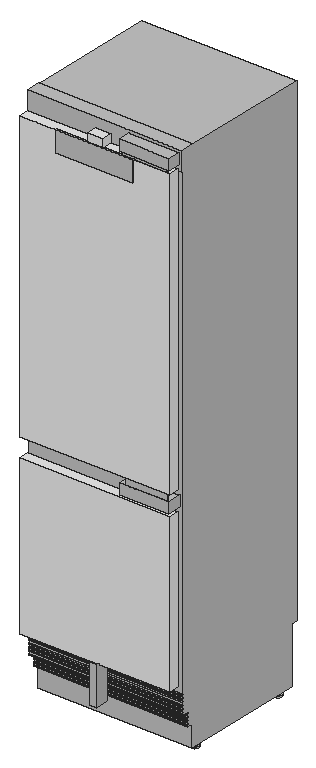
Revit family "FP_Revit_18_RS2484WRU1_Fridge_90001069A", category Specialty Equipment, Revit 2018 (continued)
Definition of nested family "Handle Professional Round - Vertical"
  Automatic sketch dimensions
    Sweep 5 sketch curve to profile plane = 3 mm  (x2)
    Extrusion 6 sketch curve to plane 3 "Center (Left/Right)" = 0 mm
    Extrusion 6 sketch curve to plane 3 "Center (Left/Right)" = 18.5 mm
    plane 1 "Center (Front/Back)" to Extrusion 6 sketch curve = 41.7 mm
    Extrusion 6 sketch curve to Extrusion 6 sketch curve = 41.7 mm
    Extrusion 7 sketch curve to plane 3 "Center (Left/Right)" = 0 mm
    Extrusion 7 sketch curve to plane 3 "Center (Left/Right)" = 18.5 mm
    plane 1 "Center (Front/Back)" to Extrusion 7 sketch curve = 41.7 mm
    Extrusion 7 sketch curve to Extrusion 7 sketch curve = 41.7 mm
    radius of Extrusion 3 sketch curve = 12.7 mm
Definition of nested family "Handle Professional Round Flush - Vertical"
  Parameters (values of type "AHP3-RD84 - Professional round flush handle (Vertical) 677mm")
    URL = "www.fisherpaykel.com"
    Material - Handle = none
    Manufacturer = "Fisher & Paykel Appliances"
    Handle - Length = 677 mm
  Types (4): name
    (no name)
    AHP3RD2484W - Professional round flush handle (1 of 2) (Vertical) 677mm
    AHP3RD3084W - Professional round flush handle (1 of 2) (Vertical) 677mm
    AHP3-RD84 - Professional round flush handle (Vertical) 677mm
  Reference planes
    plane 1 "Center (Front/Back)": y = 0
    plane 2: z = 0
    plane 3 "Center (Left/Right)": x = 0
    plane 4 "Top": z = 338.5
    plane 5 "Bottom": z = -338.5
    plane 6 "Top Standoff": z = 303.5
    plane 7 "Bottom Standoff": z = -303.5
  Forms (mm)
    Extrusion 1, solid, material <- "Material - Handle", detail levels fine
      sketch origin (0, 0, 0) x (1, 0, 0) y (0, 1, 0)
        loop
          arc (-12.817, -46.665) -> (0, -58.016) -> (12.817, -46.665) r 12.912
          line (12.817, -46.665) -> (18.5, 0) -> (-18.5, 0) -> (-12.817, -46.665)
      from 303.5 to 338.5
    Extrusion 2, solid, material <- "Material - Handle", detail levels fine
      sketch origin (0, 0, 0) x (1, 0, 0) y (0, 1, 0)
        loop
          arc (-12.817, -46.665) -> (0, -58.016) -> (12.817, -46.665) r 12.912
          line (12.817, -46.665) -> (18.5, 0) -> (-18.5, 0) -> (-12.817, -46.665)
      from -338.5 to -303.5
    Extrusion 3, solid, material <- "Material - Handle"
      sketch origin (0, 0, 0) x (1, 0, 0) y (0, 1, 0)
        loop
          circle (0, -45.116) r 12.7
      from -303.5 to 303.5
    Sweep 4, void
      path in 3D
        loop
          line (18.5, 0, 338.5) -> (12.817, -46.665, 338.5)
          arc (12.817, -46.665, 338.5) -> (0, -58.016, 338.5) -> (-12.817, -46.665, 338.5) r 12.912
          line (-12.817, -46.665, 338.5) -> (-18.5, 0, 338.5)
      profile origin (0, -58.016, 338.5) x (0, -1, 0) y (0, 0, 1)
        loop
          line (0, 0) -> (-1.5, 0) -> (0, -1.5) -> (0, 0)
    Sweep 5, void
      path in 3D
        loop
          line (-18.5, 0, -338.5) -> (-12.817, -46.665, -338.5)
          arc (-12.817, -46.665, -338.5) -> (0, -58.016, -338.5) -> (12.817, -46.665, -338.5) r 12.912
          line (12.817, -46.665, -338.5) -> (18.5, 0, -338.5)
      profile origin (0, -58.016, -338.5) x (0, -1, 0) y (0, 0, -1)
        loop
          line (0, 0) -> (-1.5, 0) -> (0, -1.5) -> (0, 0)
    Extrusion 6, solid, material <- "Material - Handle", detail levels coarse+medium
      sketch origin (0, 0, 0) x (1, 0, 0) y (0, 1, 0)
        loop
          arc (-12.817, -46.665) -> (0, -58.016) -> (12.817, -46.665) r 12.912
          line (12.817, -46.665) -> (18.5, 0) -> (-18.5, 0) -> (-12.817, -46.665)
      from 303.5 to 338.5
    Extrusion 7, solid, material <- "Material - Handle", detail levels coarse+medium
      sketch origin (0, 0, 0) x (1, 0, 0) y (0, 1, 0)
        loop
          arc (-12.817, -46.665) -> (0, -58.016) -> (12.817, -46.665) r 12.912
          line (12.817, -46.665) -> (18.5, 0) -> (-18.5, 0) -> (-12.817, -46.665)
      from -338.5 to -303.5
  Cuts and joins
    Sweep 4 cuts Extrusion 1
    Sweep 5 cuts Extrusion 2
  Lines and regions (mm)
    sketch lines
      curve 1: arc (12.817, -46.665, 338.5) -> (0, -58.016, 338.5) -> (-12.817, -46.665, 338.5) r 12.912
      curve 2: line (12.817, -46.665, 338.5) -> (18.5, 0, 338.5)
      curve 3: line (-18.5, 0, 338.5) -> (-12.817, -46.665, 338.5)
      curve 4: arc (-12.817, -46.665, -338.5) -> (0, -58.016, -338.5) -> (12.817, -46.665, -338.5) r 12.912
      curve 5: line (18.5, 0, -338.5) -> (12.817, -46.665, -338.5)
      curve 6: line (-12.817, -46.665, -338.5) -> (-18.5, 0, -338.5)
  Dimensions and locks
    equal spacing: plane 4 "Top", level, plane 5 "Bottom"
    "Handle - Length": plane 4 "Top" to plane 5 "Bottom"
    aligned and locked: level to plane 2
    aligned and locked: plane 4 "Top" to Extrusion 1
    aligned and locked: Extrusion 1 to plane 6 "Top Standoff"
    aligned and locked: Extrusion 2 to plane 5 "Bottom"
    aligned and locked: plane 1 "Center (Front/Back)" to Extrusion 2 sketch curve
    aligned and locked: plane 6 "Top Standoff" to Extrusion 3
    aligned and locked: Extrusion 3 to plane 7 "Bottom Standoff"
  Automatic sketch dimensions
    plane 1 "Center (Front/Back)" to Extrusion 1 sketch curve = 0 mm
    Extrusion 1 sketch curve to plane 3 "Center (Left/Right)" = 0 mm
    Extrusion 1 sketch curve to plane 3 "Center (Left/Right)" = 12.817 mm
    Extrusion 1 sketch curve to plane 3 "Center (Left/Right)" = 18.5 mm
    plane 3 "Center (Left/Right)" to Extrusion 1 sketch curve = 12.817 mm
    plane 3 "Center (Left/Right)" to Extrusion 1 sketch curve = 18.5 mm
    plane 1 "Center (Front/Back)" to Extrusion 1 sketch curve = 45.104 mm
    Extrusion 1 sketch curve to Extrusion 1 sketch curve = 1.561 mm
    Extrusion 2 sketch curve to plane 3 "Center (Left/Right)" = 0 mm
    Extrusion 2 sketch curve to plane 3 "Center (Left/Right)" = 12.817 mm
    Extrusion 2 sketch curve to plane 3 "Center (Left/Right)" = 18.5 mm
    plane 3 "Center (Left/Right)" to Extrusion 2 sketch curve = 12.817 mm
    plane 3 "Center (Left/Right)" to Extrusion 2 sketch curve = 18.5 mm
    plane 1 "Center (Front/Back)" to Extrusion 2 sketch curve = 45.104 mm
    Extrusion 2 sketch curve to Extrusion 2 sketch curve = 1.561 mm
    Extrusion 3 sketch curve to plane 3 "Center (Left/Right)" = 0 mm
    plane 1 "Center (Front/Back)" to Extrusion 3 sketch curve = 45.116 mm
    Sweep 4 sketch curve to profile plane = 0 mm  (x2)
    profile plane to Sweep 4 sketch curve = 1.5 mm
    Sweep 4 sketch curve to profile plane = 1.5 mm
    profile plane to Sweep 5 sketch curve = 0 mm
    Sweep 5 sketch curve to profile plane = 0 mm
    profile plane to Sweep 5 sketch curve = 1.5 mm
    Sweep 5 sketch curve to profile plane = 1.5 mm
    Extrusion 6 sketch curve to plane 3 "Center (Left/Right)" = 0 mm
    Extrusion 6 sketch curve to plane 3 "Center (Left/Right)" = 12.817 mm
    Extrusion 6 sketch curve to plane 3 "Center (Left/Right)" = 18.5 mm
    plane 3 "Center (Left/Right)" to Extrusion 6 sketch curve = 12.817 mm
    plane 3 "Center (Left/Right)" to Extrusion 6 sketch curve = 18.5 mm
    plane 1 "Center (Front/Back)" to Extrusion 6 sketch curve = 46.665 mm
    Extrusion 6 sketch curve to Extrusion 6 sketch curve = 1.561 mm
    Extrusion 6 sketch curve to Extrusion 6 sketch curve = 46.665 mm
    Extrusion 7 sketch curve to plane 3 "Center (Left/Right)" = 0 mm
    Extrusion 7 sketch curve to plane 3 "Center (Left/Right)" = 12.817 mm
    Extrusion 7 sketch curve to plane 3 "Center (Left/Right)" = 18.5 mm
    plane 3 "Center (Left/Right)" to Extrusion 7 sketch curve = 12.817 mm
    plane 3 "Center (Left/Right)" to Extrusion 7 sketch curve = 18.5 mm
    plane 1 "Center (Front/Back)" to Extrusion 7 sketch curve = 46.665 mm
    Extrusion 7 sketch curve to Extrusion 7 sketch curve = 1.561 mm
    Extrusion 7 sketch curve to Extrusion 7 sketch curve = 46.665 mm
    radius of Extrusion 3 sketch curve = 12.7 mm
Definition of nested family "Handle Professional Square - Vertical"
  Parameters (values of type "AHV2RS3272A - Professional square handle (1 of 2) (Vertical) 727mm")
    URL = "www.fisherpaykel.com"
    Material - Handle = none
    Manufacturer = "Fisher & Paykel Appliances"
    Handle - Length = 727 mm
  Types (5, lengths in mm): name | Handle - Length
    (no name) | 727
    AHV2RD2484W - Professional square handle (1 of 2) (Vertical) 727mm | 727
    AHV2RD3084W - Professional square handle (1 of 2) (Vertical) 727mm | 727
    AHV2-RD84 - Professional square handle (Vertical) 792mm | 792
    AHV2RS3272A - Professional square handle (1 of 2) (Vertical) 727mm | 727
  Reference planes
    plane 1 "Center (Front/Back)": y = 0
    plane 2: z = 0
    plane 3 "Center (Left/Right)": x = 0
    plane 4 "Top": z = 363.5
    plane 5 "Bottom": z = -363.5
    plane 6 "Top Standoff": z = 313.5
    plane 7 "Bottom Standoff": z = -313.5
  Forms (mm)
    Extrusion 1, solid, material <- "Material - Handle", detail levels fine
      sketch origin (0, 0, 0) x (0, 1, 0) y (0, 0, 1)
        loop
          line (0, 363.5) -> (-40, 363.5)
          arc (-40, 363.5) -> (-47.071, 360.571) -> (-50, 353.5) r 10
          line (-50, 353.5) -> (-50, 313.5) -> (0, 313.5) -> (0, 363.5)
        loop
          line (0, -363.5) -> (0, -313.5) -> (-50, -313.5) -> (-50, -353.5)
          arc (-50, -353.5) -> (-47.071, -360.571) -> (-40, -363.5) r 10
          line (-40, -363.5) -> (0, -363.5)
      from -17.5 to 17.5
    Sweep 2, void
      path in 3D
        loop
          line (17.5, 0, 363.5) -> (17.5, -40, 363.5)
          arc (17.5, -40, 363.5) -> (17.5, -47.071, 360.571) -> (17.5, -50, 353.5) r 10
          line (17.5, -50, 353.5) -> (17.5, -50, 313.5)
      profile origin (17.5, -20, 363.5) x (1, 0, 0) y (0, 0, 1)
        loop
          line (0, 0) -> (-2.5, 0) -> (0, -2.5) -> (0, 0)
    Sweep 3, void
      path in 3D
        loop
          line (-17.5, -50, 313.5) -> (-17.5, -50, 353.5)
          arc (-17.5, -50, 353.5) -> (-17.5, -47.071, 360.571) -> (-17.5, -40, 363.5) r 10
          line (-17.5, -40, 363.5) -> (-17.5, 0, 363.5)
      profile origin (-17.5, -20, 363.5) x (-1, 0, 0) y (0, 0, 1)
        loop
          line (0, 0) -> (-2.5, 0) -> (0, -2.5) -> (0, 0)
    Sweep 4, void
      path in 3D
        loop
          line (17.5, -50, -313.5) -> (17.5, -50, -353.5)
          arc (17.5, -50, -353.5) -> (17.5, -47.071, -360.571) -> (17.5, -40, -363.5) r 10
          line (17.5, -40, -363.5) -> (17.5, 0, -363.5)
      profile origin (17.5, -20, -363.5) x (1, 0, 0) y (0, 0, -1)
        loop
          line (0, 0) -> (-2.5, 0) -> (0, -2.5) -> (0, 0)
    Sweep 5, void
      path in 3D
        loop
          line (-17.5, 0, -363.5) -> (-17.5, -40, -363.5)
          arc (-17.5, -40, -363.5) -> (-17.5, -47.071, -360.571) -> (-17.5, -50, -353.5) r 10
          line (-17.5, -50, -353.5) -> (-17.5, -50, -313.5)
      profile origin (-17.5, -20, -363.5) x (-1, 0, 0) y (0, 0, -1)
        loop
          line (0, 0) -> (-2.5, 0) -> (0, -2.5) -> (0, 0)
    Extrusion 6, solid, material <- "Material - Handle", detail levels fine
      sketch origin (0, 0, 0) x (1, 0, 0) y (0, 1, 0)
        loop
          line (-15.5, -36.737) -> (-15.5, -46.422) -> (-14.172, -47.75) -> (14.172, -47.75) -> (15.5, -46.422) -> (15.5, -36.737)
          arc (15.5, -36.737) -> (0, -32.25) -> (-15.5, -36.737) r 29.013
      from -313.5 to 313.5
    Extrusion 7, solid, material <- "Material - Handle", detail levels coarse+medium
      sketch origin (0, 0, 0) x (0, 1, 0) y (0, 0, 1)
        loop
          line (0, 363.5) -> (-40, 363.5)
          arc (-40, 363.5) -> (-47.071, 360.571) -> (-50, 353.5) r 10
          line (-50, 353.5) -> (-50, -353.5)
          arc (-50, -353.5) -> (-47.071, -360.571) -> (-40, -363.5) r 10
          line (-40, -363.5) -> (0, -363.5) -> (0, -313.5) -> (-31.95, -313.5) -> (-31.95, 313.5) -> (0, 313.5) -> (0, 363.5)
      from -17.5 to 17.5
  Cuts and joins
    Sweep 2, Sweep 3, Sweep 4, Sweep 5 cuts Extrusion 1
  Lines and regions (mm)
    sketch lines
      curve 1: line (17.5, 0, 363.5) -> (17.5, -40, 363.5)
      curve 2: arc (17.5, -50, 353.5) -> (17.5, -47.071, 360.571) -> (17.5, -40, 363.5) r 10
      curve 3: line (17.5, -50, 353.5) -> (17.5, -50, 313.5)
      curve 4: line (-17.5, -40, 363.5) -> (-17.5, 0, 363.5)
      curve 5: arc (-17.5, -40, 363.5) -> (-17.5, -47.071, 360.571) -> (-17.5, -50, 353.5) r 10
      curve 6: line (-17.5, -50, 313.5) -> (-17.5, -50, 353.5)
      curve 7: line (17.5, -40, -363.5) -> (17.5, 0, -363.5)
      curve 8: arc (17.5, -40, -363.5) -> (17.5, -47.071, -360.571) -> (17.5, -50, -353.5) r 10
      curve 9: line (17.5, -50, -313.5) -> (17.5, -50, -353.5)
      curve 10: line (-17.5, 0, -363.5) -> (-17.5, -40, -363.5)
      curve 11: arc (-17.5, -50, -353.5) -> (-17.5, -47.071, -360.571) -> (-17.5, -40, -363.5) r 10
      curve 12: line (-17.5, -50, -353.5) -> (-17.5, -50, -313.5)
  Dimensions and locks
    equal spacing: plane 4 "Top", level, plane 5 "Bottom"
    "Handle - Length": plane 4 "Top" to plane 5 "Bottom"
    plane 7 "Bottom Standoff" to plane 5 "Bottom" = 50 mm
    plane 4 "Top" to plane 6 "Top Standoff" = 50 mm
    aligned and locked: level to plane 2
    aligned and locked: plane 4 "Top" to Extrusion 1 sketch curve
    aligned and locked: plane 5 "Bottom" to Extrusion 1 sketch curve
    aligned and locked: Extrusion 1 sketch curve to plane 1 "Center (Front/Back)"
    aligned and locked: plane 1 "Center (Front/Back)" to Extrusion 1 sketch curve
    aligned and locked: plane 6 "Top Standoff" to Extrusion 1 sketch curve
    aligned and locked: plane 7 "Bottom Standoff" to Extrusion 1 sketch curve
    aligned and locked: plane 6 "Top Standoff" to Extrusion 6
    aligned and locked: Extrusion 6 to plane 7 "Bottom Standoff"
    aligned and locked: plane 4 "Top" to Extrusion 7 sketch curve
    aligned and locked: plane 6 "Top Standoff" to Extrusion 7 sketch curve
    aligned and locked: plane 1 "Center (Front/Back)" to Extrusion 7 sketch curve
    aligned and locked: plane 7 "Bottom Standoff" to Extrusion 7 sketch curve
    aligned and locked: plane 5 "Bottom" to Extrusion 7 sketch curve
    aligned and locked: Extrusion 7 sketch curve to plane 1 "Center (Front/Back)"
  Automatic sketch dimensions
    Sweep 2 sketch curve to profile plane = 0 mm
    profile plane to Sweep 2 sketch curve = 0 mm
    profile plane to Sweep 2 sketch curve = 2.5 mm
    Sweep 2 sketch curve to profile plane = 2.5 mm
    Sweep 3 sketch curve to profile plane = 0 mm  (x2)
    profile plane to Sweep 3 sketch curve = 2.5 mm
    Sweep 3 sketch curve to profile plane = 2.5 mm
    Sweep 4 sketch curve to profile plane = 0 mm
    profile plane to Sweep 4 sketch curve = 0 mm
    profile plane to Sweep 4 sketch curve = 2.5 mm
    Sweep 4 sketch curve to profile plane = 2.5 mm
    Sweep 5 sketch curve to profile plane = 0 mm  (x2)
    profile plane to Sweep 5 sketch curve = 2.5 mm
    Sweep 5 sketch curve to profile plane = 2.5 mm
    plane 1 "Center (Front/Back)" to Extrusion 1 sketch curve = 40 mm  (x2)
    Extrusion 1 sketch curve to Extrusion 1 sketch curve = 10 mm  (x2)
    Extrusion 6 sketch curve to plane 3 "Center (Left/Right)" = 0 mm
    Extrusion 6 sketch curve to Extrusion 6 sketch curve = 1.328 mm  (x4)
    plane 1 "Center (Front/Back)" to Extrusion 6 sketch curve = 61.263 mm
    Extrusion 6 sketch curve to Extrusion 6 sketch curve = 13.513 mm
    Extrusion 6 sketch curve to Extrusion 6 sketch curve = 9.684 mm  (x2)
    Extrusion 6 sketch curve to plane 3 "Center (Left/Right)" = 14.172 mm
    plane 1 "Center (Front/Back)" to Extrusion 7 sketch curve = 31.95 mm
    plane 1 "Center (Front/Back)" to Extrusion 7 sketch curve = 40 mm  (x2)
    Extrusion 7 sketch curve to plane 4 "Top" = 10 mm
Definition of nested family "Handle Contemporary Round - Horizontal"
  Parameters (values of type "AHSRS80A - Contemporary round handle (2 of 2) (Horizontal) 646mm")
    URL = "www.fisherpaykel.com"
    Product - Width = 646 mm
    Material - Handle = none
    Manufacturer = "Fisher & Paykel Appliances"
  Types (5, lengths in mm): name | Product - Width
    (no name) | 646
    AHSRD2484W - Contemporary round handle (2 of 2) (Horizontal) 494mm | 494
    AHSRD3084W - Contemporary round handle (2 of 2) (Horizontal) 646mm | 646
    AHSRS3272A - Contemporary round handle (2 of 2) (Horizontal) 646mm | 646
    AHSRS80A - Contemporary round handle (2 of 2) (Horizontal) 646mm | 646
  Reference planes
    plane 1 "Center (Front/Back)": y = 0
    plane 2: z = 0
    plane 3 "Center (Left/Right)": x = 0
    plane 4 "Product LHS": x = -323
    plane 5 "Product RHS": x = 323
    plane 6 "LHS Standoff": x = -202.995
    plane 7 "RHS Standoff": x = 203.005
  Forms (mm)
    Extrusion 1, solid, material <- "Material - Handle"
      sketch origin (0, 0, 0) x (0, 1, 0) y (0, 0, 1)
        loop
          circle (-32.3, 0) r 8.7
      from -202.995 to 203.005
    Extrusion 2, solid, material <- "Material - Handle", detail levels fine
      sketch origin (0, 0, 0) x (0, 1, 0) y (0, 0, 1)
        loop
          line (0, 8.7) -> (-32.3, 8.7)
          arc (-32.3, 8.7) -> (-41, 0) -> (-32.3, -8.7) r 8.7
          line (-32.3, -8.7) -> (0, -8.7) -> (0, 8.7)
      from 203.005 to 323
    Extrusion 3, solid, material <- "Material - Handle", detail levels fine
      sketch origin (0, 0, 0) x (0, 1, 0) y (0, 0, -1)
        loop
          line (0, -8.7) -> (0, 8.7) -> (-32.3, 8.7)
          arc (-32.3, 8.7) -> (-41, 0) -> (-32.3, -8.7) r 8.7
          line (-32.3, -8.7) -> (0, -8.7)
      from 202.995 to 323
    Sweep 4, void
      path in 3D
        loop
          line (323, 0, 8.7) -> (323, -32.3, 8.7)
          arc (323, -32.3, 8.7) -> (323, -41, 0) -> (323, -32.3, -8.7) r 8.7
          line (323, -32.3, -8.7) -> (323, 0, -8.7)
      profile origin (323, -16.15, 8.7) x (1, 0, 0) y (0, 0, 1)
        loop
          line (0, 0) -> (-1, 0) -> (0, -1) -> (0, 0)
    Sweep 5, void
      path in 3D
        loop
          line (-323, 0, -8.7) -> (-323, -32.3, -8.7)
          arc (-323, -32.3, -8.7) -> (-323, -41, 0) -> (-323, -32.3, 8.7) r 8.7
          line (-323, -32.3, 8.7) -> (-323, 0, 8.7)
      profile origin (-323, -16.15, 8.7) x (-1, 0, 0) y (0, 0, 1)
        loop
          line (0, 0) -> (-1, 0) -> (0, -1) -> (0, 0)
    Extrusion 6, solid, material <- "Material - Handle", detail levels coarse+medium
      sketch origin (0, 0, 0) x (0, 1, 0) y (0, 0, 1)
        loop
          line (0, 8.7) -> (-32.3, 8.7)
          arc (-32.3, 8.7) -> (-41, 0) -> (-32.3, -8.7) r 8.7
          line (-32.3, -8.7) -> (0, -8.7) -> (0, 8.7)
      from 203.005 to 323
    Extrusion 7, solid, material <- "Material - Handle", detail levels coarse+medium
      sketch origin (0, 0, 0) x (0, 1, 0) y (0, 0, -1)
        loop
          line (0, -8.7) -> (0, 8.7) -> (-32.3, 8.7)
          arc (-32.3, 8.7) -> (-41, 0) -> (-32.3, -8.7) r 8.7
          line (-32.3, -8.7) -> (0, -8.7)
      from 202.995 to 323
  Cuts and joins
    Sweep 4 cuts Extrusion 2
    Sweep 5 cuts Extrusion 3
  Lines and regions (mm)
    sketch lines
      curve 1: line (323, 0, 8.7) -> (323, -32.3, 8.7)
      curve 2: arc (323, -32.3, -8.7) -> (323, -41, 0) -> (323, -32.3, 8.7) r 8.7
      curve 3: line (323, -32.3, -8.7) -> (323, 0, -8.7)
      curve 4: line (-323, -32.3, 8.7) -> (-323, 0, 8.7)
      curve 5: arc (-323, -32.3, 8.7) -> (-323, -41, 0) -> (-323, -32.3, -8.7) r 8.7
      curve 6: line (-323, 0, -8.7) -> (-323, -32.3, -8.7)
  Dimensions and locks
    equal spacing: plane 4 "Product LHS", plane 3 "Center (Left/Right)", plane 5 "Product RHS"
    "Product - Width": plane 4 "Product LHS" to plane 5 "Product RHS"
    locked: plane 4 "Product LHS" to plane 6 "LHS Standoff" at 120.005
    locked: plane 7 "RHS Standoff" to plane 5 "Product RHS" at 119.995
    equal spacing: Extrusion 2 sketch curve, level, Extrusion 2 sketch curve
    Extrusion 3 sketch curve to Extrusion 3 sketch curve = 17.4 mm
    Extrusion 6 sketch curve to Extrusion 6 sketch curve = 17.4 mm
    Extrusion 7 sketch curve to Extrusion 7 sketch curve = 17.4 mm
    aligned and locked: level to plane 2
    aligned and locked: plane 7 "RHS Standoff" to Extrusion 1
    aligned and locked: Extrusion 2 to Extrusion 1
    aligned and locked: Extrusion 2 to plane 5 "Product RHS"
    aligned and locked: plane 4 "Product LHS" to Extrusion 3
    aligned and locked: plane 6 "LHS Standoff" to Extrusion 3
    aligned and locked: Extrusion 1 to plane 6 "LHS Standoff"
    aligned and locked: Extrusion 6 to Extrusion 1
    aligned and locked: Extrusion 6 to plane 5 "Product RHS"
    aligned and locked: plane 4 "Product LHS" to Extrusion 7
    aligned and locked: Extrusion 7 to Extrusion 1
  Automatic sketch dimensions
    Extrusion 1 sketch curve to level = 0 mm
    plane 1 "Center (Front/Back)" to Extrusion 1 sketch curve = 32.3 mm
    Extrusion 2 sketch curve to plane 1 "Center (Front/Back)" = 0 mm
    Extrusion 2 sketch curve to level = 8.7 mm
    plane 1 "Center (Front/Back)" to Extrusion 2 sketch curve = 32.3 mm
    Extrusion 3 sketch curve to level = 0 mm
    Extrusion 3 sketch curve to plane 1 "Center (Front/Back)" = 0 mm
    Extrusion 3 sketch curve to level = 8.7 mm
    plane 1 "Center (Front/Back)" to Extrusion 3 sketch curve = 32.3 mm
    Sweep 4 sketch curve to profile plane = 0 mm
    profile plane to Sweep 4 sketch curve = 0 mm
    profile plane to Sweep 4 sketch curve = 1 mm
    Sweep 4 sketch curve to profile plane = 1 mm
    Sweep 5 sketch curve to profile plane = 0 mm  (x2)
    profile plane to Sweep 5 sketch curve = 1 mm
    Sweep 5 sketch curve to profile plane = 1 mm
    Extrusion 6 sketch curve to level = 0 mm
    level to Extrusion 6 sketch curve = 8.7 mm
    plane 1 "Center (Front/Back)" to Extrusion 6 sketch curve = 32.3 mm
    Extrusion 6 sketch curve to Extrusion 6 sketch curve = 32.3 mm
    Extrusion 7 sketch curve to level = 0 mm
    level to Extrusion 7 sketch curve = 8.7 mm
    plane 1 "Center (Front/Back)" to Extrusion 7 sketch curve = 32.3 mm
    Extrusion 7 sketch curve to Extrusion 7 sketch curve = 32.3 mm
    radius of Extrusion 1 sketch curve = 8.7 mm
Definition of nested family "Handle Contemporary Square - Horizontal"
  Parameters (values of type "AHD3RD3084W - Contemporary square handle (2 of 2) (Horizontal) 646mm")
    URL = "www.fisherpaykel.com"
    Material - Handle = none
    Manufacturer = "Fisher & Paykel Appliances"
    Handle - Length = 646 mm
  Types (5, lengths in mm): name | Handle - Length
    (no name) | 646
    AHD3RD2484W - Contemporary square handle (2 of 2) (Horizontal) 494mm | 494
    AHD3RD3084W - Contemporary square handle (2 of 2) (Horizontal) 646mm | 646
    AHD3RS3272A - Contemporary square handle (2 of 2) (Horizontal) 646mm | 646
    AHD3RS80A - Contemporary square handle (2 of 2) (Horizontal) 646mm | 646
  Reference planes
    plane 1 "Center (Front/Back)": y = 0
    plane 2: z = 0
    plane 3 "Center (Left/Right)": x = 0
    plane 4 "Product LHS": x = -323
    plane 5 "Product RHS": x = 323
    plane 6 "LHS Standoff": x = -202.995
    plane 7 "RHS Standoff": x = 203.005
  Forms (mm)
    Extrusion 1, solid, material <- "Material - Handle", detail levels fine
      sketch origin (0, 0, 0) x (0, 1, 0) y (0, 0, 1)
        loop
          arc (-28.701, 7.561) -> (-29.057, 7.868) -> (-29.514, 7.978) r 1
          line (-29.514, 7.978) -> (-40.5, 7.978)
          arc (-40.5, 7.978) -> (-41.561, 7.539) -> (-42, 6.478) r 1.5
          line (-42, 6.478) -> (-42, -6.522)
          arc (-42, -6.522) -> (-41.561, -7.583) -> (-40.5, -8.022) r 1.5
          line (-40.5, -8.022) -> (-29.487, -8.022)
          arc (-29.487, -8.022) -> (-29.029, -7.911) -> (-28.673, -7.602) r 1
          arc (-28.673, -7.602) -> (-26.256, -0.016) -> (-28.701, 7.561) r 13.038
      from -323 to 323
    Extrusion 2, solid, material <- "Material - Handle", detail levels fine
      sketch origin (0, 0, 0) x (0, 1, 0) y (0, 0, 1)
        loop
          arc (-28.23, 7.062) -> (-26.156, 0.008) -> (-28.198, -7.056) r 13.136
          arc (-28.198, -7.056) -> (-28.21, -7.463) -> (-27.86, -7.67) r 0.4
          line (-27.86, -7.67) -> (0, -7.67) -> (0, 7.678) -> (-27.893, 7.678)
          arc (-27.893, 7.678) -> (-28.244, 7.47) -> (-28.23, 7.062) r 0.4
      from 203.005 to 323
    Extrusion 3, solid, material <- "Material - Handle", detail levels fine
      sketch origin (0, 0, 0) x (0, 1, 0) y (0, 0, -1)
        loop
          arc (-28.23, -7.062) -> (-28.244, -7.47) -> (-27.893, -7.678) r 0.4
          line (-27.893, -7.678) -> (0, -7.678) -> (0, 7.67) -> (-27.86, 7.67)
          arc (-27.86, 7.67) -> (-28.21, 7.463) -> (-28.198, 7.056) r 0.4
          arc (-28.198, 7.056) -> (-26.156, -0.008) -> (-28.23, -7.062) r 13.136
      from 202.995 to 323
    Sweep 4, void
      path in 3D
        loop
          line (323, -29.514, 7.978) -> (323, -40.5, 7.978)
          arc (323, -40.5, 7.978) -> (323, -41.561, 7.539) -> (323, -42, 6.478) r 1.5
          line (323, -42, 6.478) -> (323, -42, -6.522)
          arc (323, -42, -6.522) -> (323, -41.561, -7.583) -> (323, -40.5, -8.022) r 1.5
          line (323, -40.5, -8.022) -> (323, -29.487, -8.022)
      profile origin (323, -35.007, 7.978) x (1, 0, 0) y (0, 0, 1)
        loop
          line (0, 0) -> (-1.3, 0) -> (0, -1.3) -> (0, 0)
    Sweep 5, void
      path in 3D
        loop
          line (-323, -29.487, -8.022) -> (-323, -40.5, -8.022)
          arc (-323, -40.5, -8.022) -> (-323, -41.561, -7.583) -> (-323, -42, -6.522) r 1.5
          line (-323, -42, -6.522) -> (-323, -42, 6.478)
          arc (-323, -42, 6.478) -> (-323, -41.561, 7.539) -> (-323, -40.5, 7.978) r 1.5
          line (-323, -40.5, 7.978) -> (-323, -29.514, 7.978)
      profile origin (-323, -35.007, 7.978) x (-1, 0, 0) y (0, 0, 1)
        loop
          line (0, 0) -> (-1.3, 0) -> (0, -1.3) -> (0, 0)
    Extrusion 6, void
      sketch origin (0, 0, 0) x (1, 0, 0) y (0, 0, 1)
        loop
          line (323, 7.978) -> (321.7, 7.978) -> (323, 6.678) -> (323, 7.978)
        loop
          line (323, -8.022) -> (323, -6.722) -> (321.7, -8.022) -> (323, -8.022)
      from 0 to 40
    Extrusion 7, void
      sketch origin (0, 0, 0) x (1, 0, 0) y (0, 0, 1)
        loop
          line (-323, 7.978) -> (-323, 6.678) -> (-321.7, 7.978) -> (-323, 7.978)
        loop
          line (-323, -8.022) -> (-321.7, -8.022) -> (-323, -6.722) -> (-323, -8.022)
      from 0 to 40
    Extrusion 8, solid, material <- "Material - Handle", detail levels coarse+medium
      sketch origin (0, 0, 0) x (1, 0, 0) y (0, 1, 0)
        loop
          line (-323, -42) -> (323, -42) -> (323, 0) -> (203.005, 0) -> (203.005, -26.156) -> (-202.995, -26.156) -> (-202.995, 0) -> (-323, 0) -> (-323, -42)
      from -8.022 to 7.978
  Cuts and joins
    Sweep 4, Sweep 5, Extrusion 6, Extrusion 7 cuts Extrusion 1
    Extrusion 6 cuts Extrusion 2
    Extrusion 7 cuts Extrusion 3
  Lines and regions (mm)
    sketch lines
      curve 1: line (323, -29.514, 7.978) -> (323, -40.5, 7.978)
      curve 2: arc (323, -42, 6.478) -> (323, -41.561, 7.539) -> (323, -40.5, 7.978) r 1.5
      curve 3: line (323, -42, 6.478) -> (323, -42, -6.522)
      curve 4: arc (323, -40.5, -8.022) -> (323, -41.561, -7.583) -> (323, -42, -6.522) r 1.5
      curve 5: line (323, -40.5, -8.022) -> (323, -29.487, -8.022)
      curve 6: line (-323, -40.5, 7.978) -> (-323, -29.514, 7.978)
      curve 7: arc (-323, -40.5, 7.978) -> (-323, -41.561, 7.539) -> (-323, -42, 6.478) r 1.5
      curve 8: line (-323, -42, -6.522) -> (-323, -42, 6.478)
      curve 9: arc (-323, -42, -6.522) -> (-323, -41.561, -7.583) -> (-323, -40.5, -8.022) r 1.5
      curve 10: line (-323, -29.487, -8.022) -> (-323, -40.5, -8.022)
  Dimensions and locks
    equal spacing: plane 4 "Product LHS", plane 3 "Center (Left/Right)", plane 5 "Product RHS"
    "Handle - Length": plane 4 "Product LHS" to plane 5 "Product RHS"
    locked: plane 4 "Product LHS" to plane 6 "LHS Standoff" at 120.005
    locked: plane 7 "RHS Standoff" to plane 5 "Product RHS" at 119.995
    aligned and locked: level to plane 2
    aligned and locked: Extrusion 1 to plane 5 "Product RHS"
    aligned and locked: plane 4 "Product LHS" to Extrusion 1
    aligned and locked: Extrusion 2 to plane 5 "Product RHS"
    aligned and locked: plane 4 "Product LHS" to Extrusion 3
    aligned and locked: plane 4 "Product LHS" to Extrusion 8 sketch curve
    aligned and locked: Extrusion 8 sketch curve to plane 5 "Product RHS"
    aligned and locked: Extrusion 8 sketch curve to plane 7 "RHS Standoff"
    aligned and locked: plane 6 "LHS Standoff" to Extrusion 8 sketch curve
    aligned and locked: Extrusion 2 to plane 7 "RHS Standoff"
    aligned and locked: plane 6 "LHS Standoff" to Extrusion 3
  Automatic sketch dimensions
    Extrusion 1 sketch curve to level = 6.522 mm
    plane 1 "Center (Front/Back)" to Extrusion 1 sketch curve = 42 mm
    Extrusion 1 sketch curve to Extrusion 1 sketch curve = 1.5 mm  (x2)
    Extrusion 1 sketch curve to level = 0.04 mm
    Extrusion 1 sketch curve to Extrusion 1 sketch curve = 1.206 mm
    level to Extrusion 1 sketch curve = 6.978 mm
    Extrusion 1 sketch curve to Extrusion 1 sketch curve = 10.986 mm
    Extrusion 1 sketch curve to Extrusion 1 sketch curve = 11.013 mm
    Extrusion 1 sketch curve to Extrusion 1 sketch curve = 1 mm
    level to Extrusion 1 sketch curve = 6.478 mm
    Extrusion 1 sketch curve to Extrusion 1 sketch curve = 0 mm
    Extrusion 2 sketch curve to plane 1 "Center (Front/Back)" = 0 mm
    Extrusion 2 sketch curve to level = 7.67 mm
    Extrusion 2 sketch curve to Extrusion 2 sketch curve = 27.86 mm
    level to Extrusion 2 sketch curve = 7.678 mm
    Extrusion 2 sketch curve to Extrusion 2 sketch curve = 0.033 mm
    Extrusion 2 sketch curve to level = 0.022 mm
    Extrusion 2 sketch curve to Extrusion 2 sketch curve = 11.398 mm
    Extrusion 2 sketch curve to Extrusion 2 sketch curve = 0.4 mm  (x2)
    Extrusion 2 sketch curve to Extrusion 2 sketch curve = 0 mm
    Extrusion 3 sketch curve to plane 1 "Center (Front/Back)" = 0 mm
    Extrusion 3 sketch curve to level = 7.67 mm
    Extrusion 3 sketch curve to Extrusion 3 sketch curve = 27.86 mm
    level to Extrusion 3 sketch curve = 7.678 mm
    Extrusion 3 sketch curve to Extrusion 3 sketch curve = 0.033 mm
    Extrusion 3 sketch curve to level = 0.022 mm
    Extrusion 3 sketch curve to Extrusion 3 sketch curve = 11.398 mm
    Extrusion 3 sketch curve to Extrusion 3 sketch curve = 0.4 mm  (x2)
    Extrusion 3 sketch curve to Extrusion 3 sketch curve = 0 mm
    profile plane to Sweep 4 sketch curve = 0 mm
    Sweep 4 sketch curve to profile plane = 0 mm
    Sweep 4 sketch curve to profile plane = 1.3 mm
    profile plane to Sweep 4 sketch curve = 1.3 mm
    Sweep 5 sketch curve to profile plane = 0 mm  (x2)
    profile plane to Sweep 5 sketch curve = 1.3 mm
    Sweep 5 sketch curve to profile plane = 1.3 mm
    plane 5 "Product RHS" to Extrusion 6 sketch curve = 0 mm  (x2)
    Extrusion 6 sketch curve to Extrusion 6 sketch curve = 1.3 mm  (x4)
    Extrusion 6 sketch curve to level = 6.722 mm
    level to Extrusion 6 sketch curve = 6.678 mm
    plane 4 "Product LHS" to Extrusion 7 sketch curve = 0 mm  (x2)
    Extrusion 7 sketch curve to plane 4 "Product LHS" = 1.3 mm  (x2)
    Extrusion 7 sketch curve to level = 8.022 mm
    level to Extrusion 7 sketch curve = 6.678 mm
    Extrusion 7 sketch curve to Extrusion 7 sketch curve = 1.3 mm  (x2)
    plane 1 "Center (Front/Back)" to Extrusion 8 sketch curve = 0 mm  (x2)
    Extrusion 8 sketch curve to Extrusion 8 sketch curve = 26.156 mm
    Extrusion 8 sketch curve to Extrusion 8 sketch curve = 42 mm
Definition of nested family "F&P Handle Kit - Contemporary Square Fine - Horizontal"
  Parameters (values of type "AHD5RD2484W - Contemporary square fine handle (2 of 2) (Horizontal) 494mm")
    URL = "www.fisherpaykel.com"
    Material - Handle = none
    Manufacturer = "Fisher & Paykel Appliances"
    Handle - Length = 494 mm
  Types (15, lengths in mm): name | Handle - Length
    (no name) | 494
    AHD5RD2484W - Contemporary square fine handle (2 of 2) (Horizontal) 494mm | 494
    AHD5RD2484WB - Contemporary square fine black handle (2 of 2) (Horizontal) 494mm | 494
    AHD5RD3084W - Contemporary square fine handle (2 of 2) (Horizontal) 646mm | 646
    AHD5RD3084WB - Contemporary square fine black handle (2 of 2) (Horizontal) 646mm | 646
    AHD5RD7621W - Contemporary square fine handle (2 of 2) (Horizontal) 646mm | 646
    AHD5RD7621WB - Contemporary square fine handle black (2 of 2) (Horizontal) 646mm | 646
    AHD5RD6121W - Contemporary square fine handle (2 of 2) (Horizontal) 494mm | 494
    AHD5RD6121WB - Contemporary square fine handle black (2 of 2) (Horizontal) 494mm | 494
    AHD5RD36A - Contemporary square fine handle (2 of 2) (Horizontal) 746mm | 746
    AHD5RD36AB - Contemporary square fine black handle (2 of 2) (Horizontal) 746mm | 746
    AHD5RD90A - Contemporary square fine handle (2 of 2) (Horizontal) 746mm | 746
    AHD5RD80A - Contemporary square fine handle (2 of 2) (Horizontal) 646mm | 646
    AHD5RD80AB - Contemporary square fine black handle (2 of 2) (Horizontal) 646mm | 646
    AHD5RD90AB - Contemporary square fine black handle (2 of 2) (Horizontal) 746mm | 746
  Reference planes
    plane 1 "Center (Front/Back)": y = 0
    plane 2: z = 0
    plane 3 "Center (Left/Right)": x = 0
    plane 4 "Product LHS": x = -247
    plane 5 "Product RHS": x = 247
    plane 6 "LHS Standoff": x = -126.995
    plane 7 "RHS Standoff": x = 127.005
  Forms (mm)
    Extrusion 1, solid, material <- "Material - Handle", detail levels fine
      sketch origin (0, 0, 0) x (0, 1, 0) y (0, 0, 1)
        loop
          arc (-26.813, 6.16) -> (-27.196, 6.554) -> (-27.728, 6.686) r 1
          line (-27.728, 6.686) -> (-40.035, 6.256)
          arc (-40.035, 6.256) -> (-40.719, 5.951) -> (-41, 5.257) r 1
          line (-41, 5.257) -> (-41, -5.257)
          arc (-41, -5.257) -> (-40.719, -5.951) -> (-40.035, -6.256) r 1
          line (-40.035, -6.256) -> (-27.709, -6.686)
          arc (-27.709, -6.686) -> (-27.175, -6.554) -> (-26.792, -6.158) r 1
          arc (-26.792, -6.158) -> (-25.256, 0.004) -> (-26.813, 6.16) r 13.038
      from -247 to 247
    Extrusion 2, solid, material <- "Material - Handle", detail levels fine
      sketch origin (0, 0, 0) x (0, 1, 0) y (0, 0, 1)
        loop
          arc (-26.626, -6.008) -> (-26.614, -6.49) -> (-26.2, -6.737) r 0.5
          line (-26.2, -6.737) -> (0, -7.696) -> (0, 7.704) -> (-26.174, 6.747)
          arc (-26.174, 6.747) -> (-26.587, 6.5) -> (-26.6, 6.019) r 0.5
          arc (-26.6, 6.019) -> (-25.156, 0.002) -> (-26.626, -6.008) r 13.136
      from 127.005 to 247
    Extrusion 3, solid, material <- "Material - Handle", detail levels coarse+medium
      sketch origin (0, 0, 0) x (1, 0, 0) y (0, 1, 0)
        loop
          line (-247, -42) -> (247, -42) -> (247, 0) -> (127.005, 0) -> (127.005, -26.156) -> (-126.995, -26.156) -> (-126.995, 0) -> (-247, 0) -> (-247, -42)
      from -8.022 to 7.978
    Extrusion 4, solid, material <- "Material - Handle", detail levels fine
      sketch origin (0, 0, 0) x (0, 1, 0) y (0, 0, 1)
        loop
          arc (-26.626, -6.008) -> (-26.614, -6.49) -> (-26.2, -6.737) r 0.5
          line (-26.2, -6.737) -> (0, -7.696) -> (0, 7.704) -> (-26.174, 6.747)
          arc (-26.174, 6.747) -> (-26.587, 6.5) -> (-26.6, 6.019) r 0.5
          arc (-26.6, 6.019) -> (-25.156, 0.002) -> (-26.626, -6.008) r 13.136
      from -247 to -126.995
  Dimensions and locks
    equal spacing: plane 4 "Product LHS", plane 3 "Center (Left/Right)", plane 5 "Product RHS"
    "Handle - Length": plane 4 "Product LHS" to plane 5 "Product RHS"
    locked: plane 4 "Product LHS" to plane 6 "LHS Standoff" at 120.005
    locked: plane 7 "RHS Standoff" to plane 5 "Product RHS" at 119.995
    aligned and locked: level to plane 2
    aligned and locked: Extrusion 1 to plane 5 "Product RHS"
    aligned and locked: plane 4 "Product LHS" to Extrusion 1
    aligned and locked: Extrusion 2 to plane 5 "Product RHS"
    aligned and locked: plane 4 "Product LHS" to Extrusion 3 sketch curve
    aligned and locked: Extrusion 3 sketch curve to plane 5 "Product RHS"
    aligned and locked: Extrusion 3 sketch curve to plane 7 "RHS Standoff"
    aligned and locked: plane 6 "LHS Standoff" to Extrusion 3 sketch curve
    aligned and locked: plane 4 "Product LHS" to Extrusion 4
    aligned and locked: plane 6 "LHS Standoff" to Extrusion 4
    aligned and locked: Extrusion 2 to plane 7 "RHS Standoff"
  Automatic sketch dimensions
    Extrusion 1 sketch curve to level = 5.257 mm
    plane 1 "Center (Front/Back)" to Extrusion 1 sketch curve = 41 mm
    level to Extrusion 1 sketch curve = 6.256 mm
    Extrusion 1 sketch curve to Extrusion 1 sketch curve = 0.965 mm  (x2)
    Extrusion 1 sketch curve to level = 6.256 mm
    Extrusion 1 sketch curve to Extrusion 1 sketch curve = 0.035 mm  (x3)
    Extrusion 1 sketch curve to level = 0.018 mm
    Extrusion 1 sketch curve to Extrusion 1 sketch curve = 1.706 mm
    level to Extrusion 1 sketch curve = 6.686 mm
    Extrusion 1 sketch curve to Extrusion 1 sketch curve = 12.307 mm
    Extrusion 1 sketch curve to level = 6.686 mm
    Extrusion 1 sketch curve to Extrusion 1 sketch curve = 12.326 mm
    Extrusion 1 sketch curve to Extrusion 1 sketch curve = 0.999 mm  (x2)
    Extrusion 1 sketch curve to Extrusion 1 sketch curve = 0 mm
    Extrusion 2 sketch curve to plane 1 "Center (Front/Back)" = 0 mm
    level to Extrusion 2 sketch curve = 6.247 mm
    plane 1 "Center (Front/Back)" to Extrusion 2 sketch curve = 26.155 mm
    level to Extrusion 2 sketch curve = 6.747 mm
    Extrusion 2 sketch curve to Extrusion 2 sketch curve = 0.018 mm  (x2)
    Extrusion 2 sketch curve to level = 6.238 mm
    Extrusion 2 sketch curve to Extrusion 2 sketch curve = 0.026 mm
    Extrusion 2 sketch curve to level = 6.737 mm
    level to Extrusion 2 sketch curve = 0.03 mm
    Extrusion 2 sketch curve to Extrusion 2 sketch curve = 12.11 mm
    Extrusion 2 sketch curve to level = 7.696 mm
    level to Extrusion 2 sketch curve = 7.704 mm
    Extrusion 2 sketch curve to Extrusion 2 sketch curve = 0 mm
    plane 1 "Center (Front/Back)" to Extrusion 3 sketch curve = 42 mm
    Extrusion 3 sketch curve to Extrusion 3 sketch curve = 15.844 mm
    Extrusion 3 sketch curve to Extrusion 3 sketch curve = 26.156 mm  (x2)
    level to Extrusion 4 sketch curve = 0.03 mm
    plane 1 "Center (Front/Back)" to Extrusion 4 sketch curve = 38.291 mm
    Extrusion 4 sketch curve to level = 6.737 mm
    Extrusion 4 sketch curve to Extrusion 4 sketch curve = 12.091 mm
    Extrusion 4 sketch curve to Extrusion 4 sketch curve = 0.018 mm  (x2)
    level to Extrusion 4 sketch curve = 6.747 mm
    Extrusion 4 sketch curve to Extrusion 4 sketch curve = 0.008 mm
    level to Extrusion 4 sketch curve = 7.704 mm
    Extrusion 4 sketch curve to Extrusion 4 sketch curve = 26.174 mm
    Extrusion 4 sketch curve to level = 7.696 mm
    Extrusion 4 sketch curve to Extrusion 4 sketch curve = 0.5 mm  (x2)
    Extrusion 4 sketch curve to Extrusion 4 sketch curve = 0 mm
Definition of nested family "Handle Professional Round - Horizontal"
  Parameters (values of type "AHCRD2484W - Professional round handle (2 of 2) (Horizontal) 428mm")
    URL = "www.fisherpaykel.com"
    Material - Standoff = none
    Material - Handle = none
    Manufacturer = "Fisher & Paykel Appliances"
    Handle - Length = 428 mm
  Types (4, lengths in mm): name | Handle - Length
    (no name) | 428
    AHCRD2484W - Professional round handle (2 of 2) (Horizontal) 428mm | 428
    AHCRD3084W - Professional round handle (2 of 2) (Horizontal) 580mm | 646
    AHCRS3272A - Professional round handle (2 of 2) (Horizontal) 580mm | 646
  Reference planes
    plane 1 "Center (Front/Back)": y = 0
    plane 2: z = 0
    plane 3 "Center (Left/Right)": x = 0
    plane 4 "Product LHS": x = -214
    plane 5 "Product RHS": x = 214
    plane 6 "LHS Standoff": x = -170
    plane 7 "RHS Standoff": x = 170
  Forms (mm)
    Extrusion 1, solid, material <- "Material - Standoff", detail levels fine
      sketch origin (0, 0, 0) x (0, 1, 0) y (0, 0, 1)
        loop
          line (0, 18.5) -> (-41.7, 18.5)
          arc (-41.7, 18.5) -> (-60.2, 0) -> (-41.7, -18.5) r 18.5
          line (-41.7, -18.5) -> (0, -18.5) -> (0, 18.5)
      from 170 to 214
    Extrusion 2, solid, material <- "Material - Standoff", detail levels fine
      sketch origin (0, 0, 0) x (0, 1, 0) y (0, 0, 1)
        loop
          line (0, 18.5) -> (-41.7, 18.5)
          arc (-41.7, 18.5) -> (-60.2, 0) -> (-41.7, -18.5) r 18.5
          line (-41.7, -18.5) -> (0, -18.5) -> (0, 18.5)
      from -214 to -170
    Sweep 3, void
      path in 3D
        loop
          line (214, 0, 18.5) -> (214, -41.7, 18.5)
          arc (214, -41.7, 18.5) -> (214, -60.2, 0) -> (214, -41.7, -18.5) r 18.5
          line (214, -41.7, -18.5) -> (214, 0, -18.5)
      profile origin (214, -20.85, 18.5) x (1, 0, 0) y (0, 0, 1)
        loop
          line (0, 0) -> (-3, 0) -> (0, -3) -> (0, 0)
    Sweep 4, void
      path in 3D
        loop
          line (-214, 0, -18.5) -> (-214, -41.7, -18.5)
          arc (-214, -41.7, -18.5) -> (-214, -60.2, 0) -> (-214, -41.7, 18.5) r 18.5
          line (-214, -41.7, 18.5) -> (-214, 0, 18.5)
      profile origin (-214, -20.85, 18.5) x (-1, 0, 0) y (0, 0, 1)
        loop
          line (0, 0) -> (-3, 0) -> (0, -3) -> (0, 0)
    Extrusion 5, solid, material <- "Material - Handle"
      sketch origin (0, -2.3, 0) x (0, 1, 0) y (0, 0, 1)
        loop
          circle (-39.4, 0) r 12.7
      from -170 to 170
    Extrusion 6, solid, material <- "Material - Standoff", detail levels coarse+medium
      sketch origin (0, 0, 0) x (0, 1, 0) y (0, 0, 1)
        loop
          line (0, 18.5) -> (-41.7, 18.5)
          arc (-41.7, 18.5) -> (-60.2, 0) -> (-41.7, -18.5) r 18.5
          line (-41.7, -18.5) -> (0, -18.5) -> (0, 18.5)
      from 214 to 170
    Extrusion 7, solid, material <- "Material - Standoff", detail levels coarse+medium
      sketch origin (0, 0, 0) x (0, 1, 0) y (0, 0, 1)
        loop
          line (0, 18.5) -> (-41.7, 18.5)
          arc (-41.7, 18.5) -> (-60.2, 0) -> (-41.7, -18.5) r 18.5
          line (-41.7, -18.5) -> (0, -18.5) -> (0, 18.5)
      from -170 to -214
  Cuts and joins
    Sweep 3 cuts Extrusion 1
    Sweep 4 cuts Extrusion 2
  Lines and regions (mm)
    sketch lines
      curve 1: line (214, 0, 18.5) -> (214, -41.7, 18.5)
      curve 2: arc (214, -41.7, -18.5) -> (214, -60.2, 0) -> (214, -41.7, 18.5) r 18.5
      curve 3: line (214, -41.7, -18.5) -> (214, 0, -18.5)
      curve 4: line (-214, -41.7, 18.5) -> (-214, 0, 18.5)
      curve 5: arc (-214, -41.7, 18.5) -> (-214, -60.2, 0) -> (-214, -41.7, -18.5) r 18.5
      curve 6: line (-214, 0, -18.5) -> (-214, -41.7, -18.5)
  Dimensions and locks
    equal spacing: plane 4 "Product LHS", plane 3 "Center (Left/Right)", plane 5 "Product RHS"
    "Handle - Length": plane 4 "Product LHS" to plane 5 "Product RHS"
    plane 4 "Product LHS" to plane 6 "LHS Standoff" = 44 mm
    plane 7 "RHS Standoff" to plane 5 "Product RHS" = 44 mm
    aligned and locked: level to plane 2
    aligned and locked: Extrusion 1 to plane 7 "RHS Standoff"
    aligned and locked: Extrusion 1 to plane 5 "Product RHS"
    aligned and locked: plane 4 "Product LHS" to Extrusion 2
    aligned and locked: plane 6 "LHS Standoff" to Extrusion 2
    aligned and locked: Extrusion 5 to plane 6 "LHS Standoff"
    aligned and locked: plane 7 "RHS Standoff" to Extrusion 5
    aligned and locked: plane 5 "Product RHS" to Extrusion 6
    aligned and locked: plane 7 "RHS Standoff" to Extrusion 6
    aligned and locked: Extrusion 7 to plane 4 "Product LHS"
    aligned and locked: Extrusion 7 to plane 6 "LHS Standoff"
  Automatic sketch dimensions
    Extrusion 1 sketch curve to level = 0 mm
    Extrusion 1 sketch curve to plane 1 "Center (Front/Back)" = 0 mm
    Extrusion 1 sketch curve to level = 18.5 mm
    plane 1 "Center (Front/Back)" to Extrusion 1 sketch curve = 41.7 mm
    Extrusion 2 sketch curve to level = 0 mm
    Extrusion 2 sketch curve to plane 1 "Center (Front/Back)" = 0 mm
    Extrusion 2 sketch curve to level = 18.5 mm
    plane 1 "Center (Front/Back)" to Extrusion 2 sketch curve = 41.7 mm
    Sweep 3 sketch curve to profile plane = 0 mm
    profile plane to Sweep 3 sketch curve = 0 mm
    profile plane to Sweep 3 sketch curve = 3 mm
    Sweep 3 sketch curve to profile plane = 3 mm
    Sweep 4 sketch curve to profile plane = 0 mm  (x2)
    profile plane to Sweep 4 sketch curve = 3 mm
    Sweep 4 sketch curve to profile plane = 3 mm
    Extrusion 5 sketch curve to level = 0 mm
    plane 1 "Center (Front/Back)" to Extrusion 5 sketch curve = 41.7 mm
    Extrusion 6 sketch curve to level = 0 mm
    level to Extrusion 6 sketch curve = 18.5 mm
    plane 1 "Center (Front/Back)" to Extrusion 6 sketch curve = 41.7 mm
    Extrusion 6 sketch curve to Extrusion 6 sketch curve = 41.7 mm
    Extrusion 7 sketch curve to level = 0 mm
    level to Extrusion 7 sketch curve = 18.5 mm
    plane 1 "Center (Front/Back)" to Extrusion 7 sketch curve = 41.7 mm
    Extrusion 7 sketch curve to Extrusion 7 sketch curve = 41.7 mm
    radius of Extrusion 5 sketch curve = 12.7 mm
Definition of nested family "Handle Professional Round Flush - Horizontal"
  Parameters (values of type "AHP3RD36W - Professional round flush handle (2 of 2) (Horizontal) 727mm")
    URL = "www.fisherpaykel.com"
    Material - Handle = none
    Manufacturer = "Fisher & Paykel Appliances"
    Handle - Length = 727 mm
  Types (3, lengths in mm): name | Handle - Length
    AHP3RD2484W - Professional round flush handle (2 of 2) (Horizontal) 443mm | 443
    AHP3RD3084W - Professional round flush handle (2 of 2) (Horizontal) 596mm | 596
    AHP3RD36W - Professional round flush handle (2 of 2) (Horizontal) 727mm | 727
  Reference planes
    plane 1 "Center (Front/Back)": y = 0
    plane 2: z = 0
    plane 3 "Center (Left/Right)": x = 0
    plane 4 "Product LHS": x = -363.5
    plane 5 "Product RHS": x = 363.5
    plane 6 "LHS Standoff": x = -303.5
    plane 7 "RHS Standoff": x = 303.5
  Forms (mm)
    Extrusion 1, solid, material <- "Material - Handle", detail levels fine
      sketch origin (0, 0, 0) x (0, 1, 0) y (0, 0, 1)
        loop
          line (0, 12.8) -> (-45.117, 12.8)
          arc (-45.117, 12.8) -> (-57.807, 1.671) -> (-48.43, -12.364) r 12.8
          line (-48.43, -12.364) -> (0, -25.341) -> (0, 12.8)
      from 303.5 to 363.5
    Extrusion 2, solid, material <- "Material - Handle"
      sketch origin (0, 0, 0) x (0, 1, 0) y (0, 0, 1)
        loop
          circle (-45.117, 0) r 12.8
      from -303.5 to 303.5
    Sweep 3, void
      path origin (363.5, 0, 0) x (0, -1, 0) y (0, 0, 1)
        loop
          line (-1, 12.8) -> (45.117, 12.8)
          arc (45.117, 12.8) -> (57.807, 1.671) -> (48.43, -12.364) r 12.8
          line (48.43, -12.364) -> (-1, -25.609)
      profile origin (363.5, -22.058, 12.8) x (0, 0, 1) y (-1, 0, 0)
        loop
          line (1, -1) -> (1, 2.6) -> (-2.6, -1) -> (1, -1)
    Extrusion 4, solid, material <- "Material - Handle", detail levels fine
      sketch origin (0, 0, 0) x (0, 1, 0) y (0, 0, -1)
        loop
          line (0, -12.8) -> (0, 25.341) -> (-48.43, 12.364)
          arc (-48.43, 12.364) -> (-57.807, -1.671) -> (-45.117, -12.8) r 12.8
          line (-45.117, -12.8) -> (0, -12.8)
      from 303.5 to 363.5
    Sweep 5, void
      path origin (-363.5, 0, 0) x (0, -1, 0) y (0, 0, -1)
        loop
          line (-1, -12.8) -> (45.117, -12.8)
          arc (45.117, -12.8) -> (57.807, -1.671) -> (48.43, 12.364) r 12.8
          line (48.43, 12.364) -> (-1, 25.609)
      profile origin (-363.5, -22.058, 12.8) x (0, 0, -1) y (1, 0, 0)
        loop
          line (-1, -1) -> (2.6, -1) -> (-1, 2.6) -> (-1, -1)
    Extrusion 6, solid, material <- "Material - Handle", detail levels coarse+medium
      sketch origin (0, 0, 0) x (0, 1, 0) y (0, 0, 1)
        loop
          line (0, 12.8) -> (-45.117, 12.8)
          arc (-45.117, 12.8) -> (-57.807, 1.671) -> (-48.43, -12.364) r 12.8
          line (-48.43, -12.364) -> (0, -25.341) -> (0, 12.8)
      from 303.5 to 363.5
    Extrusion 7, solid, material <- "Material - Handle", detail levels coarse+medium
      sketch origin (0, 0, 0) x (0, 1, 0) y (0, 0, -1)
        loop
          line (0, -12.8) -> (0, 25.341) -> (-48.43, 12.364)
          arc (-48.43, 12.364) -> (-57.807, -1.671) -> (-45.117, -12.8) r 12.8
          line (-45.117, -12.8) -> (0, -12.8)
      from 303.5 to 363.5
  Cuts and joins
    Sweep 3, Sweep 5 cuts Extrusion 1
    Sweep 5 cuts Extrusion 4
  Dimensions and locks
    equal spacing: plane 4 "Product LHS", plane 3 "Center (Left/Right)", plane 5 "Product RHS"
    "Handle - Length": plane 4 "Product LHS" to plane 5 "Product RHS"
    plane 7 "RHS Standoff" to plane 5 "Product RHS" = 60 mm
    plane 4 "Product LHS" to plane 6 "LHS Standoff" = 60 mm
    aligned and locked: level to plane 2
    aligned and locked: Extrusion 1 to plane 5 "Product RHS"
    aligned and locked: Extrusion 1 to plane 7 "RHS Standoff"
    aligned and locked: plane 6 "LHS Standoff" to Extrusion 4
    aligned and locked: plane 4 "Product LHS" to Extrusion 4
    aligned and locked: plane 7 "RHS Standoff" to Extrusion 2
    aligned and locked: Extrusion 2 to plane 6 "LHS Standoff"
    aligned and locked: plane 6 "LHS Standoff" to Extrusion 7
    aligned and locked: plane 4 "Product LHS" to Extrusion 7
    aligned and locked: Extrusion 6 to plane 7 "RHS Standoff"
    aligned and locked: Extrusion 6 to plane 5 "Product RHS"
  Automatic sketch dimensions
    Extrusion 1 sketch curve to level = 0 mm
    Extrusion 1 sketch curve to plane 1 "Center (Front/Back)" = 0 mm
    plane 1 "Center (Front/Back)" to Extrusion 1 sketch curve = 45.117 mm
    Extrusion 1 sketch curve to level = 12.364 mm
    Extrusion 1 sketch curve to Extrusion 1 sketch curve = 3.313 mm
    Extrusion 1 sketch curve to level = 25.341 mm
    Sweep 3 sketch curve to level = 0 mm
    plane 1 "Center (Front/Back)" to Sweep 3 sketch curve = 45.117 mm
    Sweep 3 sketch curve to level = 12.364 mm
    Sweep 3 sketch curve to Sweep 3 sketch curve = 3.313 mm
    Sweep 3 sketch curve to plane 1 "Center (Front/Back)" = 1 mm  (x2)
    Sweep 3 sketch curve to level = 25.609 mm
    Sweep 3 sketch curve to plane 5 "Product RHS" = 1 mm
    profile plane to Sweep 3 sketch curve = 2.6 mm
    Sweep 3 sketch curve to profile plane = 1 mm
    plane 5 "Product RHS" to Sweep 3 sketch curve = 2.6 mm
    Extrusion 4 sketch curve to level = 0 mm
    Extrusion 4 sketch curve to plane 1 "Center (Front/Back)" = 0 mm
    plane 1 "Center (Front/Back)" to Extrusion 4 sketch curve = 45.117 mm
    Extrusion 4 sketch curve to level = 12.364 mm
    Extrusion 4 sketch curve to Extrusion 4 sketch curve = 3.313 mm
    Extrusion 4 sketch curve to level = 25.341 mm
    Sweep 5 sketch curve to level = 0 mm
    plane 1 "Center (Front/Back)" to Sweep 5 sketch curve = 45.117 mm
    Sweep 5 sketch curve to level = 12.364 mm
    Sweep 5 sketch curve to Sweep 5 sketch curve = 3.313 mm
    Sweep 5 sketch curve to plane 1 "Center (Front/Back)" = 1 mm  (x2)
    Sweep 5 sketch curve to level = 25.609 mm
    profile plane to Sweep 5 sketch curve = 1 mm
    Sweep 5 sketch curve to profile plane = 1 mm
    Sweep 5 sketch curve to profile plane = 2.6 mm
    profile plane to Sweep 5 sketch curve = 2.6 mm
    Extrusion 6 sketch curve to level = 0 mm
    Extrusion 6 sketch curve to level = 12.364 mm
    plane 1 "Center (Front/Back)" to Extrusion 6 sketch curve = 48.43 mm
    level to Extrusion 6 sketch curve = 12.8 mm
    Extrusion 6 sketch curve to Extrusion 6 sketch curve = 45.117 mm
    Extrusion 6 sketch curve to level = 25.341 mm
    Extrusion 7 sketch curve to level = 0 mm
    Extrusion 7 sketch curve to level = 12.364 mm
    plane 1 "Center (Front/Back)" to Extrusion 7 sketch curve = 48.43 mm
    level to Extrusion 7 sketch curve = 12.8 mm
    Extrusion 7 sketch curve to Extrusion 7 sketch curve = 45.117 mm
    Extrusion 7 sketch curve to level = 25.341 mm
    Extrusion 2 sketch curve to level = 0 mm
    plane 1 "Center (Front/Back)" to Extrusion 2 sketch curve = 45.117 mm
    radius of Extrusion 2 sketch curve = 12.8 mm
Definition of nested family "Handle Professional Square - Horizontal"
  Parameters (values of type "AHV2RD3084W - Professional square handle (2 of 2) (Horizontal) 586mm")
    URL = "www.fisherpaykel.com"
    Material - Handle = none
    Manufacturer = "Fisher & Paykel Appliances"
    Handle - Length = 586 mm
  Types (4, lengths in mm): name | Handle - Length
    (no name) | 586
    AHV2RD2484W - Professional square handle (2 of 2) (Horizontal) 434mm | 434
    AHV2RD3084W - Professional square handle (2 of 2) (Horizontal) 586mm | 586
    AHV2RS3272A - Professional square handle (2 of 2) (Horizontal) 586mm | 586
  Reference planes
    plane 1 "Center (Front/Back)": y = 0
    plane 2: z = 0
    plane 3 "Center (Left/Right)": x = 0
    plane 4 "Product LHS": x = -293
    plane 5 "Product RHS": x = 293
    plane 6 "LHS Standoff": x = -243
    plane 7 "RHS Standoff": x = 243
  Forms (mm)
    Extrusion 1, solid, material <- "Material - Handle", detail levels fine
      sketch origin (0, 0, 0) x (1, 0, 0) y (0, 1, 0)
        loop
          line (-293, 0) -> (-293, -40)
          arc (-293, -40) -> (-290.071, -47.071) -> (-283, -50) r 10
          line (-283, -50) -> (-243, -50) -> (-243, 0) -> (-293, 0)
        loop
          line (293, 0) -> (243, 0) -> (243, -50) -> (283, -50)
          arc (283, -50) -> (290.071, -47.071) -> (293, -40) r 10
          line (293, -40) -> (293, 0)
      from -17.5 to 17.5
    Extrusion 2, solid, material <- "Material - Handle", detail levels fine
      sketch origin (0, 0, 0) x (0, 1, 0) y (0, 0, 1)
        loop
          line (-36.787, 15.5) -> (-46.472, 15.5) -> (-47.8, 14.172) -> (-47.8, -14.172) -> (-46.472, -15.5) -> (-36.787, -15.5)
          arc (-36.787, -15.5) -> (-32.3, 0) -> (-36.787, 15.5) r 29.013
      from -243 to 243
    Sweep 3, void
      path in 3D
        loop
          line (243, -50, 17.5) -> (283, -50, 17.5)
          arc (283, -50, 17.5) -> (290.071, -47.071, 17.5) -> (293, -40, 17.5) r 10
          line (293, -40, 17.5) -> (293, 0, 17.5)
      profile origin (293, -20, 17.5) x (-1, 0, 0) y (0, 0, 1)
        loop
          line (0, 0) -> (0, -2.5) -> (2.5, 0) -> (0, 0)
    Sweep 4, void
      path in 3D
        loop
          line (293, 0, -17.5) -> (293, -40, -17.5)
          arc (293, -40, -17.5) -> (290.071, -47.071, -17.5) -> (283, -50, -17.5) r 10
          line (283, -50, -17.5) -> (243, -50, -17.5)
      profile origin (293, -20, -17.5) x (-1, 0, 0) y (0, 0, -1)
        loop
          line (0, 0) -> (0, -2.5) -> (2.5, 0) -> (0, 0)
    Sweep 5, void
      path in 3D
        loop
          line (-293, 0, 17.5) -> (-293, -40, 17.5)
          arc (-293, -40, 17.5) -> (-290.071, -47.071, 17.5) -> (-283, -50, 17.5) r 10
          line (-283, -50, 17.5) -> (-243, -50, 17.5)
      profile origin (-293, -20, 17.5) x (1, 0, 0) y (0, 0, 1)
        loop
          line (0, 0) -> (0, -2.5) -> (2.5, 0) -> (0, 0)
    Sweep 6, void
      path in 3D
        loop
          line (-243, -50, -17.5) -> (-283, -50, -17.5)
          arc (-283, -50, -17.5) -> (-290.071, -47.071, -17.5) -> (-293, -40, -17.5) r 10
          line (-293, -40, -17.5) -> (-293, 0, -17.5)
      profile origin (-293, -20, -17.5) x (1, 0, 0) y (0, 0, -1)
        loop
          line (0, 0) -> (0, -2.5) -> (2.5, 0) -> (0, 0)
    Extrusion 7, solid, material <- "Material - Handle", detail levels coarse+medium
      sketch origin (0, 0, 0) x (1, 0, 0) y (0, 1, 0)
        loop
          line (-243, 0) -> (-293, 0) -> (-293, -40)
          arc (-293, -40) -> (-290.071, -47.071) -> (-283, -50) r 10
          line (-283, -50) -> (283, -50)
          arc (283, -50) -> (290.071, -47.071) -> (293, -40) r 10
          line (293, -40) -> (293, 0) -> (243, 0) -> (243, -32) -> (-243, -32) -> (-243, 0)
      from -17.5 to 17.5
  Cuts and joins
    Sweep 3, Sweep 4, Sweep 5, Sweep 6 cuts Extrusion 1
  Lines and regions (mm)
    sketch lines
      curve 1: line (293, -40, 17.5) -> (293, 0, 17.5)
      curve 2: arc (293, -40, 17.5) -> (290.071, -47.071, 17.5) -> (283, -50, 17.5) r 10
      curve 3: line (243, -50, 17.5) -> (283, -50, 17.5)
      curve 4: line (293, 0, -17.5) -> (293, -40, -17.5)
      curve 5: arc (283, -50, -17.5) -> (290.071, -47.071, -17.5) -> (293, -40, -17.5) r 10
      curve 6: line (283, -50, -17.5) -> (243, -50, -17.5)
      curve 7: line (-293, 0, 17.5) -> (-293, -40, 17.5)
      curve 8: arc (-283, -50, 17.5) -> (-290.071, -47.071, 17.5) -> (-293, -40, 17.5) r 10
      curve 9: line (-283, -50, 17.5) -> (-243, -50, 17.5)
      curve 10: line (-293, -40, -17.5) -> (-293, 0, -17.5)
      curve 11: arc (-293, -40, -17.5) -> (-290.071, -47.071, -17.5) -> (-283, -50, -17.5) r 10
      curve 12: line (-243, -50, -17.5) -> (-283, -50, -17.5)
  Dimensions and locks
    equal spacing: plane 4 "Product LHS", plane 3 "Center (Left/Right)", plane 5 "Product RHS"
    "Handle - Length": plane 4 "Product LHS" to plane 5 "Product RHS"
    plane 4 "Product LHS" to plane 6 "LHS Standoff" = 50 mm
    plane 7 "RHS Standoff" to plane 5 "Product RHS" = 50 mm
